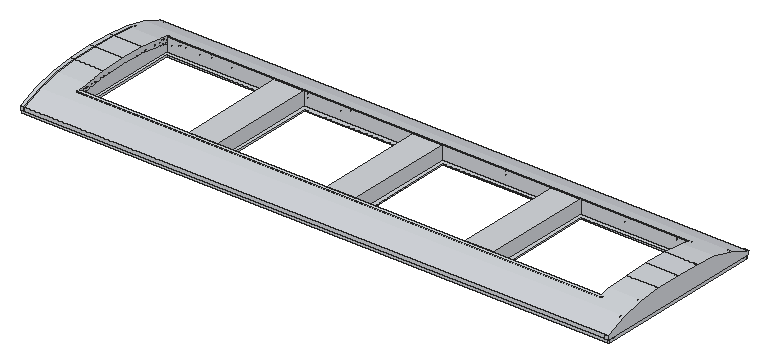
Revit family "Gira_021450", category Electrical Fixtures, host Face, Revit 2017
Family settings
  Host = Face
  Maintain Annotation Orientation = No
  Round Connector Dimension = Use Diameter
  Part Type = Normal
  Cut with Voids When Loaded = No
  Shared = No
  Room Calculation Point = No
Parameters (values of type "Abdeckrahmen 4f Zwischenr. F Alu Gira Event Opak Weiß")
  Werkstoffgüte = "Thermoplast"
  Werkstoff = "Kunststoff"
  URL = "http://katalog.gira.de/de_DE/datenblatt.html?artikelnr=021450"
  Transparent = "No"
  Textfeld/Beschriftungsfläche = "No"
  Schutzart (IP) = "IP20"
  Region = "DE"
  Oberfläche = "sonstige"
  Name = "Abdeckrahmen 4f Zwischenr. F Alu Gira Event Opak Weiß"
  Montagerichtung = "horizontal und vertikal"
  Mit Montagerahmen = "No"
  Mit Klappdeckel = "No"
  Manufacturer URL = "https://www.gira.de/"
  Keynote = "Event_Rahmen_4fach"
  HeinzeBIM = "https://bimportal.heinze.de/bim/abdeckrahmen-4f-zwischenr-f-alu-gira-event-opak-weiss/067dac9a02bb371aadbe46fb828f48508d15581b"
  Halogenfrei = "Yes"
  HAN = "021450"
  Geeignet für Unterputz-Installation = "Yes"
  Geeignet für Unterflurkanaldose = "No"
  Geeignet für Geräteeinbaukanal = "No"
  Geeignet für Einbauinstallation = "No"
  GTIN = "4010337214502"
  Farbe = "weiß"
  Default Elevation = 1219.2 mm
  Data sheet (1) = "https://katalog.gira.de/de_DE/download.html?artikelnr=021450"
  Category = "Abdeckrahmen"
  Befestigungsart = "Klemmbefestigung"
  Available = "Yes"
  Anzahl der Einheiten vertikal = "4 "
  Anzahl der Einheiten horizontal = "4 "
  Anzahl der Einheiten = "4 "
Reference planes
  plane 1 "Center (Front/Back)": y = 0
  plane 2: z = 0
  plane 3 "Center (Left/Right)": x = 0
Forms (mm)
  Extrusion 1, solid, detail levels fine
    sketch origin (0, 0, 0.05) x (0, 1, 0) y (0, 0, 1)
      loop
        arc (12.445, 9.683) -> (6.223, 9.833) -> (0, 9.85) r 291.636
        arc (0, 9.85) -> (-6.223, 9.833) -> (-12.445, 9.683) r 291.636
        arc (-12.445, 9.683) -> (-29.14, 7.482) -> (-45, 1.823) r 79.728
        line (-45, 1.823) -> (-45, -0.05) -> (-42.086, -0.05)
        arc (-42.086, -0.05) -> (-21.385, 5.559) -> (0, 7.206) r 114.424
        arc (0, 7.206) -> (21.385, 5.559) -> (42.086, -0.05) r 114.424
        line (42.086, -0.05) -> (45, -0.05) -> (45, 1.823)
        arc (45, 1.823) -> (29.14, 7.482) -> (12.445, 9.683) r 79.728
    from -151.95 to 151.935
  Extrusion 2, void, detail levels fine
    sketch origin (0, 0, 0) x (1, 0, 0) y (0, 1, 0)
      loop
        line (134.95, 28.035) -> (-134.95, 28.035) -> (-134.95, -28.035) -> (134.95, -28.035) -> (134.95, 28.035)
    from 0.724 to 11
  Extrusion 3, solid, detail levels coarse
    sketch origin (0, 0, 0) x (1, 0, 0) y (0, 1, 0)
      loop
        line (-151.95, 45) -> (-151.95, -45) -> (151.935, -45) -> (151.935, 45) -> (-151.95, 45)
    from -1.5 to 9.9
  Extrusion 4, solid, detail levels medium
    sketch origin (0, 0, 0.05) x (0, 1, 0) y (0, 0, 1)
      loop
        arc (12.445, 9.683) -> (6.223, 9.833) -> (0, 9.85) r 291.636
        arc (0, 9.85) -> (-6.223, 9.833) -> (-12.445, 9.683) r 291.636
        arc (-12.445, 9.683) -> (-29.14, 7.482) -> (-45, 1.823) r 79.728
        line (-45, 1.823) -> (-45, -0.05) -> (45, -0.05) -> (45, 1.823)
        arc (45, 1.823) -> (29.14, 7.482) -> (12.445, 9.683) r 79.728
    from -151.95 to 151.935
  Extrusion 5, solid, detail levels fine
    sketch origin (-106.95, 0, -1.5) x (0, 1, 0) y (0, 0, -1)
      loop
        line (45, -3.373) -> (45, -1.5) -> (-45, -1.5) -> (-45, -3.373)
        arc (-45, -3.373) -> (-29.14, -9.032) -> (-12.445, -11.233) r 79.728
        arc (-12.445, -11.233) -> (-6.223, -11.383) -> (0, -11.4) r 291.636
        arc (0, -11.4) -> (6.223, -11.383) -> (12.445, -11.233) r 291.636
        arc (12.445, -11.233) -> (29.14, -9.032) -> (45, -3.373) r 79.728
    from 43 to 45
  Extrusion 6, solid, detail levels fine
    sketch origin (0, 0, 0) x (1, 0, 0) y (0, 1, 0)
      loop
        line (-132.85, 25.7) -> (-132.85, -25.7) -> (-81.05, -25.7) -> (-81.05, 25.7) -> (-132.85, 25.7)
      loop
        line (-9.755, -25.7) -> (-9.755, 25.7) -> (-61.555, 25.7) -> (-61.555, -25.7) -> (-9.755, -25.7)
      loop
        line (-135.845, 28.49) -> (-135.845, -28.495)
        spline (-135.845, -28.495) -> (-135.836, -28.625) -> (-135.811, -28.754) -> (-135.769, -28.878) -> (-135.711, -28.995) -> (-135.638, -29.104) -> (-135.552, -29.202) -> (-135.454, -29.288) -> (-135.345, -29.361) -> (-135.228, -29.419) -> (-135.104, -29.461) -> (-134.975, -29.486) -> (-134.845, -29.495)
        line (-134.845, -29.495) -> (134.845, -29.495)
        spline (134.845, -29.495) -> (134.975, -29.486) -> (135.104, -29.461) -> (135.228, -29.419) -> (135.345, -29.361) -> (135.454, -29.288) -> (135.552, -29.202) -> (135.638, -29.104) -> (135.711, -28.995) -> (135.769, -28.878) -> (135.811, -28.754) -> (135.836, -28.625) -> (135.845, -28.495)
        line (135.845, -28.495) -> (135.845, 28.49)
        spline (135.845, 28.49) -> (135.836, 28.62) -> (135.811, 28.748) -> (135.769, 28.872) -> (135.711, 28.99) -> (135.638, 29.098) -> (135.552, 29.197) -> (135.454, 29.283) -> (135.345, 29.356) -> (135.228, 29.413) -> (135.104, 29.456) -> (134.975, 29.481) -> (134.845, 29.49)
        line (134.845, 29.49) -> (-134.845, 29.49)
        spline (-134.845, 29.49) -> (-134.975, 29.481) -> (-135.104, 29.456) -> (-135.228, 29.413) -> (-135.345, 29.356) -> (-135.454, 29.283) -> (-135.552, 29.197) -> (-135.638, 29.098) -> (-135.711, 28.99) -> (-135.769, 28.872) -> (-135.811, 28.748) -> (-135.836, 28.62) -> (-135.845, 28.49)
      loop
        line (61.545, -25.7) -> (61.545, 25.7) -> (9.745, 25.7) -> (9.745, -25.7) -> (61.545, -25.7)
      loop
        line (132.85, -25.7) -> (132.85, 25.7) -> (81.05, 25.7) -> (81.05, -25.7) -> (132.85, -25.7)
    from 0.1 to 7.3
  Extrusion 7, solid
    sketch origin (0, 0, 0) x (1, 0, 0) y (0, 1, 0)
      loop
        arc (-151.65, -44.218) -> (-151.504, -44.572) -> (-151.15, -44.718) r 0.5
        line (-151.15, -44.718) -> (151.15, -44.718)
        arc (151.15, -44.718) -> (151.504, -44.572) -> (151.65, -44.218) r 0.5
        line (151.65, -44.218) -> (151.65, 44.182)
        arc (151.65, 44.182) -> (151.504, 44.535) -> (151.15, 44.682) r 0.5
        line (151.15, 44.682) -> (-151.15, 44.682)
        arc (-151.15, 44.682) -> (-151.504, 44.535) -> (-151.65, 44.182) r 0.5
        line (-151.65, 44.182) -> (-151.65, -44.218)
      loop
        line (-149.95, 42.982) -> (-149.95, -43.018) -> (149.95, -43.018) -> (149.95, 42.982) -> (-149.95, 42.982)
    from -1.5 to 0.5
  Extrusion 8, solid, detail levels fine
    sketch origin (106.935, 0, -1.5) x (0, 1, 0) y (0, 0, 1)
      loop
        arc (45, 3.373) -> (29.14, 9.032) -> (12.445, 11.233) r 79.728
        arc (12.445, 11.233) -> (6.223, 11.383) -> (0, 11.4) r 291.636
        arc (0, 11.4) -> (-6.223, 11.383) -> (-12.445, 11.233) r 291.636
        arc (-12.445, 11.233) -> (-29.14, 9.032) -> (-45, 3.373) r 79.728
        line (-45, 3.373) -> (-45, 1.5) -> (45, 1.5) -> (45, 3.373)
    from 43 to 45
  Extrusion 9, solid, detail levels medium
    sketch origin (0, 0, 0) x (1, 0, 0) y (0, 1, 0)
      loop
        line (-151.65, -44.718) -> (151.65, -44.718) -> (151.65, 44.682) -> (-151.65, 44.682) -> (-151.65, -44.718)
    from -1.5 to 0.5
  Extrusion 10, solid, detail levels fine
    sketch origin (-69.857, 0, 0) x (1, 0, 0) y (0, 1, 0)
      loop
        line (-8.943, 28.063) -> (-8.943, -27.937) -> (6.057, -27.937) -> (6.057, 28.063) -> (-8.943, 28.063)
    from 0.724 to 7.566
  Extrusion 11, solid, detail levels fine
    sketch origin (-1.443, 0, 0) x (-1, 0, 0) y (0, -1, 0)
      loop
        line (-8.943, -28.063) -> (6.057, -28.063) -> (6.057, 27.937) -> (-8.943, 27.937) -> (-8.943, -28.063)
    from 0.724 to 7.566
  Extrusion 12, solid, detail levels fine
    sketch origin (69.857, 0, 0) x (-1, 0, 0) y (0, -1, 0)
      loop
        line (-8.943, -28.063) -> (6.057, -28.063) -> (6.057, 27.937) -> (-8.943, 27.937) -> (-8.943, -28.063)
    from 0.724 to 7.566
Cuts and joins
  Extrusion 2 cuts Extrusion 1
  Extrusion 2 cuts Extrusion 6
Dimensions and locks
  aligned and locked: plane 2 to host face
  aligned and locked: level to host face
